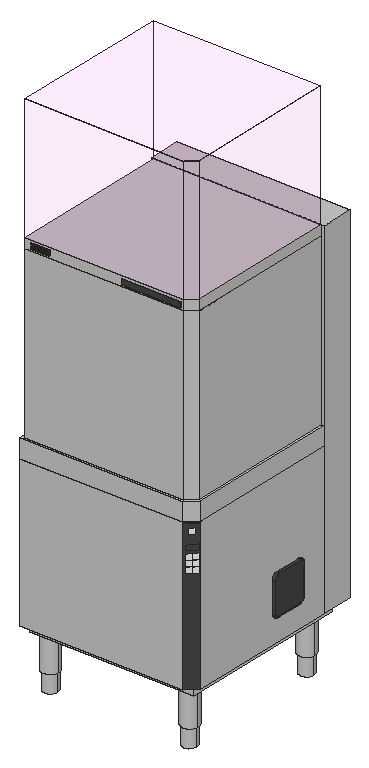
Revit family "QF_ZANUSSI_504271_ZHT8TIL", category Attrezzature speciali, Revit 2020
Family settings
  Quota connettore circolare = Usa diametro
  Tipo di parte = Normale
  Basato su piano di lavoro = No
  Sempre verticale = Sì
  Taglio con vuoti quando caricato = No
  Condiviso = Sì
  Punto di calcolo locali = No
Parameters (values of type "Standard")
  Weight = 119.00 kg
  Watts = 9900 W
  Volts = 400 V
  URL Manufacturer = "http://www.zanussiprofessional.com"
  URL = "http://www.zanussiprofessional.com"
  Steam Supply Size = 0"
  Steam Supply Minimum Pressure = 0.00 psi
  Steam Supply Maximum Pressure = 0.00 psi
  Steam Consumption per Hour = 0
  Show Logo [instance] = yes
  Refrigeration Suction Line Size = 0 mm
  Refrigeration Liquid Line Size = 0 mm
  Refrigerant Compressor Remote = yes
  Prospetto di default = 0 mm
  Phase = 3
  Modello = "ZHT8TIL"
  Produttore = "Zanussi"
  Length Actual = 667 mm  # constant formula
  Item Number = "504271"
  Hot Water Size = 3/4"
  Height Actual = 1567 mm  # constant formula
  HP = "13.3 HP"
  Gas Size = 0"
  Gas KW = 0
  Gas Input Pressure = 0.0 Btu/h
  Direct Waste Size = 0.80709"
  Descrizione = "HOOD TYPE,AUTO,INSUL,0-LIME,FILTER,80R/H"
  Depth Actual = 755 mm  # constant formula
  Cycle = 50 Hz
  Condensate Return Size = 0"
  Compressed Air Volume = 0 GPM
  Compressed Air Size = 0"
  Compressed Air Pressure = 0.00 psi
  Cold Water Size = 3/4"
  Assembly Code = ""
  Show Clearance [instance] = yes
  Accessory = yes
Reference planes
  plane 1 "BACK": y = -5
  plane 2: z = 0
  plane 3 "LEFT": x = 0
  plane 4 "RIGHT": x = 752
  plane 5 "FRONT": y = -761
  plane 6: z = 1567
  plane 7 "Center Y": x = 376
  plane 8: z = 200
  plane 9: y = -886
  plane 10: y = -426
  plane 11: x = 107
  plane 12: x = 645
  plane 13: y = -130
  plane 14: y = -695
  plane 15: z = 1315
Forms (mm)
  Extrusion 1, solid, material "QF_Finishes_Stainless Steel"
    sketch origin (0, 0, 200) x (-1, 0, 0) y (0, -1, 0)
      loop
        line (-60, 70) -> (-60, 735.913) -> (-692, 735.913) -> (-692, 70) -> (-60, 70)
    from 0 to 25.4
  Extrusion 2, solid, material "QF_Finishes_Stainless Steel"
    sketch origin (0, 0, 200) x (-1, 0, 0) y (0, -1, 0)
      loop
        line (-710, 721) -> (-710, 128.825) -> (-42, 128.825) -> (-42, 760) -> (-670, 760) -> (-710, 721)
    from 25.4 to 604.077
  Extrusion 3, solid, material "QF_Finishes_Stainless Steel"
    sketch origin (0, 0, 200) x (-1, 0, 0) y (0, -1, 0)
      loop
        line (-42, 5) -> (-42, 126.875) -> (-710, 126.875) -> (-710, 5) -> (-42, 5)
    from 25.4 to 1367
  Extrusion 4, solid, material "QF_Finishes_Stainless Steel"
    sketch origin (0, 0, 804.077) x (-1, 0, 0) y (0, -1, 0)
      loop
        line (-42, 761) -> (-668.974, 761) -> (-710, 721) -> (-710, 128.825) -> (-42, 128.825) -> (-42, 761)
    from 0.8 to 70.923
  Extrusion 5, solid, material "QF_Finishes_Stainless Steel"
    sketch origin (0, 0, 875) x (-1, 0, 0) y (0, -1, 0)
      loop
        line (-665.858, 751) -> (-699.5, 717.358) -> (-699.5, 128.825) -> (-52.5, 128.825) -> (-52.5, 751) -> (-665.858, 751)
    from 0 to 653.206
  Extrusion 6, solid, material "QF_Finishes_Stainless Steel"
    sketch origin (-6, 0, 1567) x (-1, 0, 0) y (0, -1, 0)
      loop
        line (-58.5, 750.912) -> (-671.858, 750.912) -> (-705.5, 717.271) -> (-705.5, 128.825) -> (-58.5, 128.825) -> (-58.5, 750.912)
    from 0 to -38
  Extrusion 7, solid, material "QF_Finishes_Door Clearance", visible <- "Show Clearance"
    sketch origin (0, 0, 1527) x (-1, 0, 0) y (0, -1, 0)
      loop
        line (-699.5, 717.271) -> (-699.5, 128.825) -> (-52.5, 128.825) -> (-52.5, 750.912) -> (-665.858, 750.912) -> (-699.5, 717.271)
    from -212 to 519
  Extrusion 8, solid, material "QF_Finishes_Stainless Steel"
    sketch origin (451.404, -209.023, 223.4) x (0, -1, 0) y (1, 0, 0)
      loop
        line (-163.023, 6.596) -> (-163.023, 26.596) -> (-183.023, 26.596) -> (-183.023, 6.596) -> (-163.023, 6.596)
    from 0 to 2
  Extrusion 9, solid, material "QF_Finishes_Stainless Steel"
    sketch origin (-259.159, 731.464, 219.783) x (1, 0, 0) y (0, 1, 0)
      loop
        circle (701.159, -772.464) r 10
    from -9.383 to 5.617
  Extrusion 10, solid, material "QF_Finishes_Stainless Steel"
    sketch origin (638.404, -537.023, 198) x (0, -1, 0) y (1, 0, 0)
      loop
        line (-163.023, 6.596) -> (-163.023, 26.596) -> (-183.023, 26.596) -> (-183.023, 6.596) -> (-163.023, 6.596)
    from 0 to 2
  Extrusion 11, solid, material "QF_Finishes_Stainless Steel"
    sketch origin (-206.159, 736.464, 219.783) x (1, 0, 0) y (0, 1, 0)
      loop
        circle (701.159, -772.464) r 10
    from -9.383 to 5.617
  Extrusion 12, solid, material "QF_Finishes_Stainless Steel"
    sketch origin (-316.159, 677.464, 194.383) x (1, 0, 0) y (0, 1, 0)
      loop
        circle (701.159, -772.464) r 10
    from -9.383 to 5.617
  Extrusion 13, solid, material "QF_Finishes_Black"
    sketch origin (0, -750.912, 0) x (1, 0, 0) y (0, 0, 1)
      loop
        line (655.75, 1558) -> (428.134, 1558) -> (428.134, 1538) -> (655.75, 1538) -> (655.75, 1558)
    from 0 to 1
Dimensions and locks
  equal spacing: plane 3 "LEFT", plane 7 "Center Y", plane 4 "RIGHT"
  locked: plane 9 to plane 1 "BACK" at 881
  locked: plane 7 "Center Y" to Extrusion 4 at 334
  locked: plane 3 "LEFT" to plane 4 "RIGHT" at 752
  locked: plane 10 to plane 1 "BACK" at 421
  locked: Extrusion 4 to plane 7 "Center Y" at 334
  locked: Extrusion 6 to Extrusion 6 at 647
  locked: Extrusion 4 to level at 875
  locked: plane 11 to plane 12 at 538
  locked: plane 8 to level at 200
  locked: Extrusion 2 to plane 11 at 65
  locked: plane 5 "FRONT" to plane 10 at 335
  plane 1 "BACK" to plane 13 = 125 mm
  plane 13 to plane 14 = 565 mm
  plane 1 "BACK" to Extrusion 2 = 755 mm
  Extrusion 6 to level = 1529 mm
  Extrusion 7 to level = 2046 mm  (x2)
  plane 4 "RIGHT" to plane 3 "LEFT" = 752 mm
  plane 15 to Extrusion 4 = 440 mm
  plane 6 to level = 1567 mm
  aligned and locked: level to plane 2
Automatic sketch dimensions
  Extrusion 1 sketch curve to plane 12 = 47 mm
  plane 11 to Extrusion 1 sketch curve = 47 mm
  Extrusion 1 sketch curve to plane 13 = 60 mm
  Extrusion 1 sketch curve to plane 5 "FRONT" = 25.087 mm
  Extrusion 2 sketch curve to plane 13 = 1.175 mm
  Extrusion 2 sketch curve to plane 4 "RIGHT" = 42 mm
  Extrusion 2 sketch curve to plane 5 "FRONT" = 1 mm
  Extrusion 2 sketch curve to plane 12 = 25 mm
  plane 3 "LEFT" to Extrusion 2 sketch curve = 42 mm
  plane 14 to Extrusion 2 sketch curve = 26 mm
  plane 1 "BACK" to Extrusion 3 sketch curve = 0 mm
  Extrusion 3 sketch curve to plane 4 "RIGHT" = 42 mm
  plane 3 "LEFT" to Extrusion 3 sketch curve = 42 mm
  Extrusion 3 sketch curve to plane 13 = 3.125 mm
  Extrusion 4 sketch curve to Extrusion 2 = 0 mm  (x4)
  Extrusion 2 to Extrusion 4 sketch curve = 0 mm
  Extrusion 2 to Extrusion 4 sketch curve = 1 mm
  plane 14 to Extrusion 5 sketch curve = 22.358 mm
  Extrusion 5 sketch curve to plane 4 "RIGHT" = 52.5 mm
  Extrusion 5 sketch curve to plane 5 "FRONT" = 10 mm
  Extrusion 5 sketch curve to plane 12 = 20.858 mm
  plane 3 "LEFT" to Extrusion 5 sketch curve = 52.5 mm
  Extrusion 5 sketch curve to plane 13 = 1.175 mm
  Extrusion 6 sketch curve to plane 13 = 1.175 mm
  Extrusion 6 sketch curve to plane 4 "RIGHT" = 52.5 mm
  Extrusion 6 sketch curve to plane 5 "FRONT" = 10.088 mm
  Extrusion 6 sketch curve to plane 12 = 20.858 mm
  plane 3 "LEFT" to Extrusion 6 sketch curve = 52.5 mm
  plane 14 to Extrusion 6 sketch curve = 22.271 mm
  plane 14 to Extrusion 7 sketch curve = 22.271 mm
  Extrusion 7 sketch curve to plane 4 "RIGHT" = 52.5 mm
  Extrusion 7 sketch curve to plane 5 "FRONT" = 10.088 mm
  Extrusion 7 sketch curve to plane 12 = 20.858 mm
  plane 3 "LEFT" to Extrusion 7 sketch curve = 52.5 mm
  Extrusion 7 sketch curve to plane 13 = 1.175 mm
  plane 1 "BACK" to Extrusion 8 sketch curve = 21 mm
  Extrusion 8 sketch curve to Extrusion 8 sketch curve = 20 mm  (x2)
  plane 7 "Center Y" to Extrusion 8 sketch curve = 82 mm
  plane 7 "Center Y" to Extrusion 9 sketch curve = 66 mm
  plane 1 "BACK" to Extrusion 9 sketch curve = 36 mm
  Extrusion 10 sketch curve to plane 12 = 0 mm
  plane 10 to Extrusion 10 sketch curve = 72 mm
  Extrusion 10 sketch curve to Extrusion 10 sketch curve = 20 mm  (x2)
  plane 1 "BACK" to Extrusion 11 sketch curve = 31 mm
  plane 7 "Center Y" to Extrusion 11 sketch curve = 119 mm
  plane 7 "Center Y" to Extrusion 12 sketch curve = 9 mm
  Extrusion 12 sketch curve to plane 13 = 35 mm
  Extrusion 13 sketch curve to plane 6 = 9 mm
  plane 7 "Center Y" to Extrusion 13 sketch curve = 52.134 mm
  Extrusion 13 sketch curve to plane 12 = 10.75 mm
  Extrusion 13 sketch curve to Extrusion 13 sketch curve = 20 mm
  radius of Extrusion 9 sketch curve = 10 mm
  radius of Extrusion 11 sketch curve = 10 mm
  radius of Extrusion 12 sketch curve = 10 mm
Nested families
  nested 1: "Piedino H200 - DISHWASHING" at (107, -695, 0), type "Piedino H200 - DISHWASHING"
    with H 200 mm
  nested 2: "Piedino H200 - DISHWASHING" at (645, -695, 0), type "Piedino H200 - DISHWASHING"
    with H 200 mm
  nested 3: "Piedino H200 - DISHWASHING" at (107, -130, 0), type "Piedino H200 - DISHWASHING"
    with H 200 mm
  nested 4: "Piedino H200 - DISHWASHING" at (645, -130, 0), type "Piedino H200 - DISHWASHING"
    with H 200 mm
  nested 5: "ZANUSSI_Logo" at (117.151, -750.912, 1597.206) x (1, 0, 0) z (0, -1, 0), Show Logo <- "Show Logo", visible <- "Show Logo", type "ZANUSSI_Logo"
    with Show Logo yes
  nested 6: "BOCCHETTONE DISHWASHING - NERO" at (710, -309.456, 395.727) x (0, 1, 0) z (1, 0, 0), type "BOCCHETTONE DISHWASHING - NERO"
    with Show Logo yes
  nested 7: "Tastierino_DISHWASHING_ZANUSSI_VERTICALE - NERO" at (689.726, -740.767, 513.537) x (0.716, 0.6981, 0) z (0.6981, -0.716, 0), type "Tastierino_DISHWASHING_ZANUSSI_VERTICALE - NERO"
Connectors
  electrical at (468, -36, 223.4)
    settings: on Extrusion 8, index 53, voltage 0 V, apparent load 0 VA, apparent load phase1 0 VA, apparent load phase2 0 VA, apparent load phase3 0 VA, power factor 1, load classification "Altro", number of poles 1, system type 30, power factor state 1, is connector primary yes, connector utility no, sub classification motor no, connector description "EQ"
  piping at (442, -41, 210.4), diameter 12.9
    settings: on Extrusion 9, index 54, connector inside diameter 24", connector length 0 mm, flow factor 0, pipe flow 0 GPM, pressure drop 0.00 psi, fitting loss kfactor 0, connector angle 0.00°, fixture units 0, engagement length 0 mm, angle of deflection 0.00°, flow configuration 0, flow direction 0, fitting loss method 0, system type 29, joint type 0, gender type 0, connector reference index -1, connector utility 0, adjustable connector no, is connector primary yes, connector description "D"
  electrical at (655, -364, 198)
    settings: on Extrusion 10, index 55, voltage 0 V, apparent load 0 VA, apparent load phase1 0 VA, apparent load phase2 0 VA, apparent load phase3 0 VA, power factor 1, load classification "Altro", number of poles 1, system type 30, power factor state 1, is connector primary no, connector utility no, sub classification motor no, connector description "EI"
  piping at (495, -36, 210.4), diameter 12.9
    settings: on Extrusion 11, index 56, connector inside diameter 24", connector length 0 mm, flow factor 0, pipe flow 0 GPM, pressure drop 0.00 psi, fitting loss kfactor 0, connector angle 0.00°, fixture units 0, engagement length 0 mm, angle of deflection 0.00°, flow configuration 0, flow direction 0, fitting loss method 0, system type 29, joint type 0, gender type 0, connector reference index -1, connector utility 0, adjustable connector no, is connector primary no, connector description "WI"
  piping at (385, -95, 185), diameter 12.9
    settings: on Extrusion 12, index 57, connector inside diameter 24", connector length 0 mm, flow factor 0, pipe flow 0 GPM, pressure drop 0.00 psi, fitting loss kfactor 0, connector angle 0.00°, fixture units 0, engagement length 0 mm, angle of deflection 0.00°, flow configuration 0, flow direction 0, fitting loss method 0, system type 29, joint type 0, gender type 0, connector reference index -1, connector utility 0, adjustable connector no, is connector primary no, connector description "XD/XR"
Definition of nested family "Piedino H200 - DISHWASHING"
  Parameters (values of type "Piedino H200 - DISHWASHING")
    Default Elevation = 0 mm
    H [instance] = 200 mm
  Reference planes
    plane 1 "Centro (Fronte/Retro)": y = 0
    plane 2: z = 0
    plane 3 "Centro (Sinistra/Destra)": x = 0
    plane 4: z = 70.047
  Forms (mm)
    Revolve 1, solid
      sketch origin (55, 0, 0) x (-1, 0, 0) y (0, 0, -1)
        loop
          line (55, 0) -> (27.6, 0) -> (27.6, -70.047) -> (22.6, -70.047) -> (22.6, -200) -> (55, -200) -> (55, 0)
        axis (55, 0) -> (55, -200)
      angle from 0 to 360
  Dimensions and locks
    "H": Revolve 1 to plane 2
    aligned and locked: level to plane 2
  Automatic sketch dimensions
    Revolve 1 sketch curve to plane 4 = 0 mm
    Revolve 1 sketch curve to level = 0 mm
    Revolve 1 sketch curve to plane 3 "Centro (Sinistra/Destra)" = 0 mm  (x2)
    plane 3 "Centro (Sinistra/Destra)" to Revolve 1 sketch curve = 27.4 mm
    Revolve 1 sketch curve to Revolve 1 sketch curve = 5 mm
    Revolve 1 sketch curve to plane 4 = 129.953 mm
    Revolve 1 sketch curve to Revolve 1 sketch curve = 0 mm
    Revolve 1 sketch curve to Revolve 1 sketch curve = 20 mm
Definition of nested family "ZANUSSI_Logo"
  Parameters (values of type "ZANUSSI_Logo")
    Show Logo [instance] = yes
    Default Elevation = 1219.2 mm
  Reference planes
    plane 1 "Center (Front/Back)": y = -49
    plane 2: z = 0
    plane 3 "Center (Left/Right)": x = -9.92
  Forms (mm)
    Extrusion 1, solid
      sketch origin (0, 0, 0) x (1, 0, 0) y (0, 1, 0)
        loop
          line (-1219.2, 1219.2) -> (-1219.2, -1219.2) -> (1219.2, -1219.2) -> (1219.2, 1219.2) -> (-1219.2, 1219.2)
      from 0 to -304.8
    Extrusion 2, solid, visible <- "Show Logo"
      sketch origin (106.353, -215.165, -50) x (1, 0, 0) y (0, 1, 0)
        loop
          line (-137.419, 156.48) -> (-137.419, 160.444) -> (-143.365, 160.444) -> (-137.419, 172.566) -> (-137.419, 175.851) -> (-147.274, 175.851) -> (-147.274, 172.226) -> (-142.063, 172.339) -> (-147.728, 160.444) -> (-147.728, 156.48) -> (-137.419, 156.48)
        loop
          line (-131.729, 163.73) -> (-129.463, 163.73) -> (-130.596, 172.54) -> (-131.729, 163.73)
        loop
          line (-132.748, 156.48) -> (-132.182, 160.218) -> (-128.897, 160.218) -> (-128.33, 156.48) -> (-124.252, 156.48) -> (-127.877, 175.851) -> (-133.315, 175.851) -> (-136.826, 156.48) -> (-132.748, 156.48)
        loop
          line (-123.75, 175.851) -> (-123.75, 156.48) -> (-120.238, 156.48) -> (-120.238, 169.281) -> (-116.953, 156.48) -> (-112.648, 156.48) -> (-112.648, 175.851) -> (-116.273, 175.851) -> (-116.273, 163.503) -> (-119.558, 175.851) -> (-123.75, 175.851)
        loop
          arc (-111.742, 161.27) -> (-106.896, 156.448) -> (-101.433, 160.558) r 5.22
          line (-101.433, 160.558) -> (-101.433, 175.851) -> (-105.398, 175.851) -> (-105.398, 161.464)
          arc (-105.398, 161.464) -> (-106.44, 160.263) -> (-107.777, 161.124) r 1.214
          line (-107.777, 161.124) -> (-107.777, 175.851) -> (-111.742, 175.851) -> (-111.742, 161.27)
        loop
          line (-94.069, 169.734) -> (-90.331, 169.734) -> (-90.269, 171.495)
          arc (-90.269, 171.495) -> (-90.53, 173.458) -> (-91.761, 175.009) r 3.719
          arc (-91.761, 175.009) -> (-95.38, 176.189) -> (-98.998, 175.009) r 6.139
          arc (-98.998, 175.009) -> (-100.474, 172.145) -> (-100.291, 168.927) r 6.125
          arc (-100.291, 168.927) -> (-99.079, 167.149) -> (-97.591, 165.594) r 13.068
          line (-97.591, 165.594) -> (-95.921, 164.113)
          arc (-95.921, 164.113) -> (-94.934, 163.275) -> (-94.167, 162.233) r 5.571
          arc (-94.167, 162.233) -> (-94.357, 160.41) -> (-96.143, 160.003) r 1.573
          arc (-96.143, 160.003) -> (-96.681, 160.547) -> (-96.911, 161.277) r 1.631
          arc (-96.911, 161.277) -> (-96.929, 161.791) -> (-96.911, 162.305) r 7.441
          arc (-96.911, 162.305) -> (-96.895, 162.791) -> (-96.911, 163.277) r 7.03
          line (-96.911, 163.277) -> (-100.866, 163.277)
          arc (-100.866, 163.277) -> (-100.828, 160.504) -> (-99.735, 157.955) r 7.131
          arc (-99.735, 157.955) -> (-94.571, 156.484) -> (-90.221, 159.633) r 6.148
          arc (-90.221, 159.633) -> (-90.141, 162.884) -> (-91.536, 165.823) r 7.021
          line (-91.536, 165.823) -> (-95.882, 169.734)
          arc (-95.882, 169.734) -> (-96.47, 170.472) -> (-96.785, 171.362) r 2.858
          arc (-96.785, 171.362) -> (-95.666, 172.959) -> (-94.069, 171.84) r 1.379
          line (-94.069, 171.84) -> (-94.069, 169.734)
        loop
          line (-82.771, 169.734) -> (-79.033, 169.734) -> (-78.971, 171.495)
          arc (-78.971, 171.495) -> (-79.232, 173.458) -> (-80.463, 175.009) r 3.719
          arc (-80.463, 175.009) -> (-84.081, 176.189) -> (-87.7, 175.009) r 6.139
          arc (-87.7, 175.009) -> (-89.175, 172.145) -> (-88.993, 168.927) r 6.125
          arc (-88.993, 168.927) -> (-87.781, 167.149) -> (-86.293, 165.594) r 13.068
          line (-86.293, 165.594) -> (-84.623, 164.113)
          arc (-84.623, 164.113) -> (-83.636, 163.275) -> (-82.869, 162.233) r 5.571
          arc (-82.869, 162.233) -> (-83.059, 160.41) -> (-84.845, 160.003) r 1.573
          arc (-84.845, 160.003) -> (-85.383, 160.547) -> (-85.613, 161.277) r 1.631
          arc (-85.613, 161.277) -> (-85.631, 161.791) -> (-85.613, 162.305) r 7.441
          arc (-85.613, 162.305) -> (-85.596, 162.791) -> (-85.613, 163.277) r 7.03
          line (-85.613, 163.277) -> (-89.568, 163.277)
          arc (-89.568, 163.277) -> (-89.53, 160.504) -> (-88.437, 157.955) r 7.131
          arc (-88.437, 157.955) -> (-83.272, 156.484) -> (-78.922, 159.633) r 6.148
          arc (-78.922, 159.633) -> (-78.843, 162.884) -> (-80.238, 165.823) r 7.021
          line (-80.238, 165.823) -> (-84.584, 169.734)
          arc (-84.584, 169.734) -> (-85.171, 170.472) -> (-85.486, 171.362) r 2.858
          arc (-85.486, 171.362) -> (-84.368, 172.959) -> (-82.771, 171.84) r 1.379
          line (-82.771, 171.84) -> (-82.771, 169.734)
        loop
          line (-78.21, 175.851) -> (-78.21, 156.48) -> (-74.245, 156.48) -> (-74.245, 175.851) -> (-78.21, 175.851)
      from 50 to 51.6
  Dimensions and locks
    aligned and locked: plane 2 to Extrusion 1
    aligned and locked: level to Extrusion 1
Definition of nested family "BOCCHETTONE DISHWASHING - NERO"
  Parameters (values of type "BOCCHETTONE DISHWASHING - NERO")
    Show Logo [instance] = yes
    Default Elevation = 1219.2 mm
  Reference planes
    plane 1 "Centro (Fronte/Retro)": y = 0
    plane 2: z = 0
    plane 3 "Centro (Sinistra/Destra)": x = 0
  Forms (mm)
    Extrusion 1, solid
      sketch origin (0, 0, 0) x (1, 0, 0) y (0, 1, 0)
        loop
          line (-1219.2, 1219.2) -> (-1219.2, -1219.2) -> (1219.2, -1219.2) -> (1219.2, 1219.2) -> (-1219.2, 1219.2)
      from 0 to -304.8
    Extrusion 2, solid
      sketch origin (-411.544, -195.727, 0) x (1, 0, 0) y (0, 1, 0)
        loop
          arc (359.044, 268.227) -> (348.437, 263.833) -> (344.044, 253.227) r 15
          line (344.044, 253.227) -> (344.044, 138.227)
          arc (344.044, 138.227) -> (348.437, 127.62) -> (359.044, 123.227) r 15
          line (359.044, 123.227) -> (464.044, 123.227)
          arc (464.044, 123.227) -> (474.65, 127.62) -> (479.044, 138.227) r 15
          line (479.044, 138.227) -> (479.044, 253.227)
          arc (479.044, 253.227) -> (474.65, 263.833) -> (464.044, 268.227) r 15
          line (464.044, 268.227) -> (359.044, 268.227)
      from 0 to 13.165
    Sweep 3, solid
      path in 3D
        loop
          arc (-52.5, 72.5, 13.165) -> (-63.107, 68.107, 13.165) -> (-67.5, 57.5, 13.165) r 15
          line (-67.5, 57.5, 13.165) -> (-67.5, -57.5, 13.165)
          arc (-67.5, -57.5, 13.165) -> (-63.107, -68.107, 13.165) -> (-52.5, -72.5, 13.165) r 15
          line (-52.5, -72.5, 13.165) -> (52.5, -72.5, 13.165)
          arc (52.5, -72.5, 13.165) -> (63.107, -68.107, 13.165) -> (67.5, -57.5, 13.165) r 15
          line (67.5, -57.5, 13.165) -> (67.5, 57.5, 13.165)
          arc (67.5, 57.5, 13.165) -> (63.107, 68.107, 13.165) -> (52.5, 72.5, 13.165) r 15
          line (52.5, 72.5, 13.165) -> (-52.5, 72.5, 13.165)
      profile origin (0, 72.5, 13.165) x (0, 0, 1) y (0, 1, 0)
        loop
          arc (-1.054, 0) -> (-6.598, 5.544) -> (-12.141, 0) r 5.544
          line (-12.141, 0) -> (-1.054, 0)
  Lines and regions (mm)
    sketch lines
      curve 1: line (52.5, 72.5, 13.165) -> (-52.5, 72.5, 13.165)
      curve 2: arc (-67.5, 57.5, 13.165) -> (-63.107, 68.107, 13.165) -> (-52.5, 72.5, 13.165) r 15
      curve 3: line (-67.5, 57.5, 13.165) -> (-67.5, -57.5, 13.165)
      curve 4: arc (-52.5, -72.5, 13.165) -> (-63.107, -68.107, 13.165) -> (-67.5, -57.5, 13.165) r 15
      curve 5: line (-52.5, -72.5, 13.165) -> (52.5, -72.5, 13.165)
      curve 6: line (67.5, -57.5, 13.165) -> (67.5, 57.5, 13.165)
      curve 7: arc (52.5, 72.5, 13.165) -> (63.107, 68.107, 13.165) -> (67.5, 57.5, 13.165) r 15
      curve 8: arc (67.5, -57.5, 13.165) -> (63.107, -68.107, 13.165) -> (52.5, -72.5, 13.165) r 15
  Dimensions and locks
    aligned and locked: plane 2 to Extrusion 1
    aligned and locked: level to Extrusion 1
Definition of nested family "Tastierino_DISHWASHING_ZANUSSI_VERTICALE - NERO"
  Parameters
    Default Elevation = 1219.2 mm
  Reference planes
    plane 1 "Centro (Fronte/Retro)": y = 0
    plane 2: z = 0
    plane 3 "Centro (Sinistra/Destra)": x = 0
  Forms (mm)
    Extrusion 1, solid
      sketch origin (0, 0, 0) x (1, 0, 0) y (0, 1, 0)
        loop
          line (-1219.2, 1219.2) -> (-1219.2, -1219.2) -> (1219.2, -1219.2) -> (1219.2, 1219.2) -> (-1219.2, 1219.2)
      from 0 to -304.8
    Extrusion 2, solid
      sketch origin (0, 0, 0) x (1, 0, 0) y (0, 1, 0)
        loop
          line (-28.156, 290) -> (-28.156, -288.677) -> (28.144, -288.677) -> (28.144, 290) -> (-28.156, 290)
        loop
          line (-9.499, 268.634) -> (-9.499, 247.667) -> (8.937, 247.667) -> (8.937, 268.634) -> (-9.499, 268.634)
        loop
          line (-20.076, 212.003) -> (-20.076, 193.917) -> (19.513, 193.917) -> (19.513, 212.003) -> (-20.076, 212.003)
        loop
          line (-20.076, 181.326) -> (-20.076, 160.358) -> (-1.64, 160.358) -> (-1.64, 181.326) -> (-20.076, 181.326)
        loop
          line (1.077, 181.326) -> (1.077, 160.358) -> (19.513, 160.358) -> (19.513, 181.326) -> (1.077, 181.326)
        loop
          line (-20.076, 158.181) -> (-20.076, 137.214) -> (-1.64, 137.214) -> (-1.64, 158.181) -> (-20.076, 158.181)
        loop
          line (1.077, 158.181) -> (1.077, 137.214) -> (19.513, 137.214) -> (19.513, 158.181) -> (1.077, 158.181)
        loop
          line (-20.076, 135.066) -> (-20.076, 114.099) -> (-1.64, 114.099) -> (-1.64, 135.066) -> (-20.076, 135.066)
        loop
          line (1.077, 135.066) -> (1.077, 114.099) -> (19.513, 114.099) -> (19.513, 135.066) -> (1.077, 135.066)
      from 0 to 0.8
    Extrusion 3, solid
      sketch origin (0, 0, 0) x (1, 0, 0) y (0, 1, 0)
        loop
          line (-9.499, 268.634) -> (-9.499, 247.667) -> (8.937, 247.667) -> (8.937, 268.634) -> (-9.499, 268.634)
        loop
          line (-20.076, 181.326) -> (-20.076, 160.358) -> (-1.64, 160.358) -> (-1.64, 181.326) -> (-20.076, 181.326)
        loop
          line (1.077, 181.326) -> (1.077, 160.358) -> (19.513, 160.358) -> (19.513, 181.326) -> (1.077, 181.326)
        loop
          line (-20.076, 158.181) -> (-20.076, 137.214) -> (-1.64, 137.214) -> (-1.64, 158.181) -> (-20.076, 158.181)
        loop
          line (1.077, 158.181) -> (1.077, 137.214) -> (19.513, 137.214) -> (19.513, 158.181) -> (1.077, 158.181)
        loop
          line (-20.076, 135.066) -> (-20.076, 114.099) -> (-1.64, 114.099) -> (-1.64, 135.066) -> (-20.076, 135.066)
        loop
          line (1.077, 135.066) -> (1.077, 114.099) -> (19.513, 114.099) -> (19.513, 135.066) -> (1.077, 135.066)
      from 0 to 0.8
    Extrusion 4, solid
      sketch origin (0, 0, 0) x (1, 0, 0) y (0, 1, 0)
        loop
          line (-20.076, 212.003) -> (-20.076, 193.917) -> (19.513, 193.917) -> (19.513, 212.003) -> (-20.076, 212.003)
      from 0 to 0.8
  Dimensions and locks
    aligned and locked: plane 2 to Extrusion 1
    aligned and locked: level to Extrusion 1
